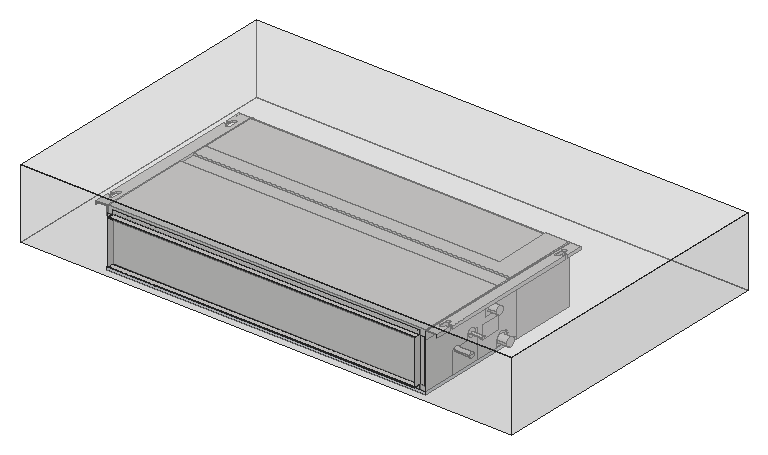
Revit family "outputfile", category 機械設備, Revit 2024
Family settings
  丸型コネクタ寸法 = 半径を使用
  パーツ タイプ = 標準
  OmniClass 番号 = 23.75.10.24.21.27.27
  OmniClass タイトル = Split System Air Conditioning Units
  作業面ベース = いいえ
  常に垂直 = はい
  ロード時にボイドで切り取り = いいえ
  注釈の向きを維持 = いいえ
  共有 = いいえ
  部屋計算ポイント = はい
Parameters (values of type "FXDQ63NDVE")
  Description = ""
  製造元 = "Daikin"
  書き出し IFC クラス(タイプ) = "IfcUnitaryEquipmentType"
  定義済み IFC タイプ(タイプ) = "AIRCONDITIONINGUNIT"
  Cost = 0
  モデル = "FXDQ63NDVE"
  Type Comments = ""
  Keynote = ""
  Type Image = (empty or 0)
  Assembly Code = ""
  w_pipe = 33.0 mm
  r_Liquid Pipe Size = Liquid Pipe Size / 2  # 4.75 mm
  r_Gas Pipe Size = Gas Pipe Size / 2  # 7.95 mm
  r_Drain Pipe Size = Drain Pipe Size / 2  # 10.0 mm
  lw_powersupply = 504.0 mm
  lw_ductflange2 = 1020.0 mm
  lw_Width = 1060.0 mm
  lh_suctionflange [instance] = if(Rear Connection_Return Air, 100.0 mm + [h***], 190.0 mm + [h***])  # 100.0 mm
  ld_suctionflange [instance] = if(Rear Connection_Return Air, 190.0 mm, 100.0 mm)  # 190.0 mm
  ld_powersupply = 60.0 mm
  angle_vertical_RA [instance] = if(Rear Connection_Return Air, 90.00°, 0.00°)  # 90.00°
  angle horizontal_RA [instance] = if(Rear Connection_Return Air, 180.00°, 270.00°)  # 180.00°
  Voltage_comment_60Hz = "220"
  Voltage_comment_50Hz = "220-240"
  Voltage_60Hz = 220 V
  Voltage_50Hz = 220 V
  URL = ""
  Supply Air Direction [instance] = yes
  Sound Power Level_H speed (dB) = 59
  Rear Connection_Return Air [instance] = not(Bottom Connection_Return Air)  # yes
  RA_length = 190.0 mm  # constant formula
  Phase_60Hz = 1
  Phase_50Hz = 1
  Minimum External Static Pressure = 15.00 Pa
  Minimum Circuit Amps_60Hz = 1.4 A
  Minimum Circuit Amps_50Hz = 1.1 A
  Maximum Fuse Amps_60Hz = 16.0 A
  Maximum Fuse Amps_50Hz = 16.0 A
  Maximum External Static Pressure = 44.00 Pa
  Material_Casing = DAIKIN_GalvanizedSteel_Casing_indoorunit
  lw_liquidpipe = 46.0 mm  # constant formula
  lw_gaspipe = 57.0 mm  # constant formula
  lw_mountinghole_pitch = 1140.0 mm
  lw_mountinghole = 20.0 mm  # constant formula
  lw_drainpipe = 33.0 mm  # constant formula
  lh_powersupply = 10.0 mm
  lh_liquidpipe = 110.0 mm
  lh_gaspipe = 87.0 mm
  lh_mountinghole = Height + [h***]  # 200.0 mm
  lh_drainpipe = 150.0 mm
  lh_antena = 1.0 mm  # constant formula
  ld_liquidpipe = 193.0 mm  # constant formula
  ld_gaspipe = 130.0 mm  # constant formula
  ld_mountinghole_pitch = 0.0 mm  # constant formula
  ld_drainpipe = 280.0 mm
  ld_controlbox = 626.0 mm  # constant formula
  h*** = 0.0 mm  # constant formula
  d_dischargeflange = 21.2 mm  # constant formula
  Width = 1100.0 mm
  Version = "ver.1.0"
  Unit Type = "Slim Duct (Standard) Type"
  Unit Mass Weight = 31.00 kg
  Unit Designation [instance] = ""
  Uniclass2015Version = "Products v1.30"
  Uniclass2015Title = "Variable refrigerant flow units"
  Uniclass2015Code = "Pr_70_65_03_94"
  Total Heating Capacity [instance] = 0.000 kW
  Total Cooling Capacity [instance] = 0.000 kW
  Sound Pressure Level_M speed (dBA) = 0
  Sound Pressure Level_L speed (dBA) = 29
  Sound Pressure Level_H speed (dBA) = 33
  Series = "VRV Fan Coil Unit"
  Sensible Cooling Capacity [instance] = 0.000 kW
  SA Duct Size Width = 1060.0 mm
  SA Duct Size Height = 153.0 mm
  Refrigerant Type = "R410A"
  RA Duct Size Width = 1000.0 mm
  RA Duct Size Height = 180.0 mm
  Power Input (Heating) = 0.168 kW
  Power Input (Cooling) = 0.181 kW
  Option Accessory 3 [instance] = ""
  Option Accessory 2 [instance] = ""
  Option Accessory 1 [instance] = ""
  Nominal Heating Capacity = 8.000 kW
  Nominal Cooling Capacity = 7.100 kW
  Minimum Airflow = 780.00 m³/h
  Median Airflow = 870.00 m³/h
  Maximum Airflow = 990.00 m³/h
  Load Classification = HVAC
  Liquid Pipe Size = 9.5 mm
  Link_Nested Family [instance] = ""
  IfcVersion = "0"
  IfcExportType = "AIRCONDITIONINGUNIT"
  IfcExportAs = "IfcUnitaryEquipmentType"
  Height = 200.0 mm
  Heating Entering Wet Bulb Temperature [instance] = 0.00 °C
  Heating Entering Dry Bulb Temperature [instance] = 0.00 °C
  Heating Ambient Wet Bulb Temperature [instance] = 0.00 °C
  Heating Ambient Dry Bulb Temperature [instance] = 0.00 °C
  Heat Exchanger Type = "Cross Fin Coil"
  Gas Pipe Size = 15.9 mm
  Frequency_60Hz = 60 Hz
  Frequency_50Hz = 50 Hz
  Fan Type = "Sirocco Fan"
  Fan Drive = "Direct Drive"
  FCU Tag No. [instance] = ""
  Drain Pipe Size = 20.0 mm
  Design Supply Airflow [instance] = 0.00 m³/h
  Design Return Airflow [instance] = 0.00 m³/h
  Design External Static Pressure [instance] = 0.00 Pa
  Depth = 620.0 mm
  既定の高さ = 0.0 mm
  Cooling Entering Wet Bulb Temperature [instance] = 0.00 °C
  Cooling Entering Dry Bulb Temperature [instance] = 0.00 °C
  Cooling Ambient Wet Bulb Temperature [instance] = 0.00 °C
  Cooling Ambient Dry Bulb Temperature [instance] = 0.00 °C
  Clearance visibility [instance] = yes
  Clearance Top = 20.0 mm
  Clearance Right = 300.0 mm
  Clearance Rear = 400.0 mm
  Clearance Left = 300.0 mm
  Clearance Front = 0.0 mm
  Clearance Bottom = 20.0 mm
  Bottom Connection_Return Air [instance] = no
Reference planes
  plane 1 "Center (Front/Back)": y = 0
  plane 2: z = 0
  plane 3 "Center (Left/Right)": x = 0
  plane 4 "Back": y = 310
  plane 5 "Front": y = -310
  plane 6 "Left": x = -550
  plane 7 "Right": x = 550
  plane 8 "Top": z = 0
  plane 9 "Bottom": z = -200
  plane 10: x = 330
  plane 11: x = -330
  plane 12: z = -190
  plane 13: z = -6
  plane 14: z = -22
  plane 15: z = -90
  plane 16: z = -113
  plane 17: x = -304
  plane 18: x = 304
  plane 19: x = -570
  plane 20: x = 570
  plane 21: y = 250
  plane 22: y = 250
  plane 23: x = -590
  plane 24: x = 390
  plane 25: x = 596
  plane 26: x = 607
  plane 27: x = 583
  plane 28: z = 0
  plane 29: z = -50
  plane 30 "Clearance Left": x = -850
  plane 31 "Clearance Right": x = 850
  plane 32 "Clearance Rear": y = 710
  plane 33 "Clearance Front": y = -310
  plane 34 "Clearance Top": z = 20
  plane 35 "Clearance Bottom": z = -220
  plane 36: z = -21
  plane 37: z = -170
  plane 38: z = -96.5
  plane 39: x = -40
  plane 40: y = -180
  plane 41: y = -117
  plane 42: y = -30
  plane 43: y = 20
  plane 44: z = -97.5
  plane 45: y = -309
  plane 46: x = -549
  plane 47: z = -100
  plane 48: z = -30
  plane 49: y = 210
  plane 50: z = -97.5
  plane 51: z = -199
  plane 52: y = 120
  plane 53: z = -101
  plane 54: x = 580
  plane 55: x = 545
  plane 56: x = 555
  plane 57: x = 551
  plane 58: x = 469
  plane 59: x = 549.004
  plane 60: x = -549
  plane 61: x = 504
  plane 62: z = -189
Forms (mm)
  Extrusion 1, solid
    sketch origin (0, 0, 0) x (1, 0, 0) y (0, 0, 1)
      loop
        line (-550, -190) -> (-550, -200) -> (550, -200) -> (550, -190) -> (-550, -190)
    from -84 to 310
  Extrusion 2, solid, material "DAIKIN_GalvanizedSteel_Casing_indoorunit" <- "Material_Casing"
    sketch origin (0, 0, 0) x (1, 0, 0) y (0, 1, 0)
      loop
        line (-550, -309) -> (550, -309) -> (550, 310) -> (-550, 310) -> (-550, -309)
    from -200 to 0
  Extrusion 3, void
    sketch origin (0, 0, 1) x (1, 0, 0) y (0, 1, 0)
      loop
        line (-550, 62.179) -> (-550, 4.179) -> (550, 4.179) -> (550, 62.179) -> (-550, 62.179)
    from -1 to -7
  Extrusion 4, void
    sketch origin (0, 0, 0) x (0, 1, 0) y (0, 0, 1)
      loop
        line (-5, -190) -> (45, -190) -> (45, -170)
        arc (45, -170) -> (20, -145) -> (-5, -170) r 25
        line (-5, -170) -> (-5, -190)
    from 550 to 545
  Revolve 5, solid, material "DAIKIN_GalvanizedSteel_Casing_indoorunit" <- "Material_Casing"
    sketch origin (0, 0, -113) x (0, -1, 0) y (1, 0, 0)
      loop
        line (172.05, 551) -> (180, 551) -> (180, 607) -> (172.05, 607) -> (172.05, 551)
      axis (180, 551) -> (180, 607)
    angle from 0 to 360
  Revolve 6, solid, material "DAIKIN_GalvanizedSteel_Casing_indoorunit" <- "Material_Casing"
    sketch origin (0, 0, -90) x (0, -1, 0) y (1, 0, 0)
      loop
        line (117, 551) -> (117, 596) -> (112.25, 596) -> (112.25, 551) -> (117, 551)
      axis (117, 596) -> (117, 551)
    angle from 0 to 360
  Extrusion 7, solid, material "DAIKIN_GalvanizedSteel_Casing_indoorunit" <- "Material_Casing"
    sketch origin (0, 0, 0) x (0, 1, 0) y (0, 0, 1)
      loop
        circle (-116, -90) r 12.7
    from 550 to 555
  Extrusion 8, solid, material "DAIKIN_GalvanizedSteel_Casing_indoorunit" <- "Material_Casing"
    sketch origin (0, 0, 0) x (0, 1, 0) y (0, 0, 1)
      loop
        circle (20, -170) r 15
    from 580 to 545
  Extrusion 9, solid, material "DAIKIN_GalvanizedSteel_Casing_indoorunit" <- "Material_Casing"
    sketch origin (0, 0, 0) x (0, 1, 0) y (0, 0, 1)
      loop
        line (-52, -30) -> (-52, -70) -> (-11, -70) -> (-11, -30) -> (-52, -30)
    from 550 to 551
  Extrusion 10, solid, material "DAIKIN_GalvanizedSteel_Casing_indoorunit" <- "Material_Casing"
    sketch origin (0, 0, 0) x (0, 1, 0) y (0, 0, 1)
      loop
        circle (-30, -50.064) r 13
    from 550 to 583
  Extrusion 11, solid, material "DAIKIN_GalvanizedSteel_Casing_indoorunit" <- "Material_Casing"
    sketch origin (0, 0, 0) x (0, 1, 0) y (0, 0, 1)
      loop
        line (-63.609, -90) -> (-63.609, -136) -> (0.391, -136) -> (0.391, -90) -> (-63.609, -90)
    from 550 to 551
  Extrusion 12, solid, material "DAIKIN_GalvanizedSteel_Casing_indoorunit" <- "Material_Casing"
    sketch origin (0, 0, 0) x (1, 0, 0) y (0, 0, 1)
      loop
        line (-550, -190) -> (-550, -200) -> (550, -200) -> (550, -190) -> (-550, -190)
    from -84 to 310
  Extrusion 13, solid, material "DAIKIN_GalvanizedSteel_Casing_indoorunit" <- "Material_Casing", visible <- "Bottom Connection_Return Air"
    sketch origin (0, 0, 0) x (1, 0, 0) y (0, 0, 1)
      loop
        line (469, -200) -> (469, -1) -> (-549, -1) -> (-549, -200) -> (469, -200)
    from -310 to -309
  Extrusion 14, void
    sketch origin (0, 0, 0) x (1, 0, 0) y (0, 0, 1)
      loop
        line (469, 0) -> (-549, 0) -> (-549, -1) -> (469, -1) -> (469, 0)
    from -310 to -111
  Extrusion 15, solid, material "DAIKIN_GalvanizedSteel_Casing_indoorunit" <- "Material_Casing", visible <- "Rear Connection_Return Air"
    sketch origin (0, 0, 0) x (1, 0, 0) y (0, 1, 0)
      loop
        line (-549, 310) -> (-549, 111) -> (469, 111) -> (469, 310) -> (-549, 310)
    from -200 to -199
  Extrusion 16, solid, material "DAIKIN_GalvanizedSteel_Casing_indoorunit" <- "Material_Casing"
    sketch origin (0, 0, 0) x (0, 1, 0) y (0, 0, 1)
      loop
        line (-194, -113) -> (-194, -190) -> (-88.3, -190) -> (-88.3, -90) -> (-103.3, -90)
        arc (-103.3, -90) -> (-116, -102.7) -> (-128.7, -90) r 12.7
        line (-128.7, -90) -> (-128.7, -113) -> (-173.65, -113)
        arc (-173.65, -113) -> (-180, -119.35) -> (-186.35, -113) r 6.35
        line (-186.35, -113) -> (-194, -113)
    from 551 to 550
  Extrusion 17, solid, material "DAIKIN_GalvanizedSteel_Casing_indoorunit" <- "Material_Casing"
    sketch origin (0, 0, 0) x (0, 1, 0) y (0, 0, 1)
      loop
        line (84, -199) -> (310, -199) -> (310, -22) -> (91, -22) -> (84, -29) -> (84, -199)
    from 551 to 550
Cuts and joins
  Extrusion 3, Extrusion 4, Extrusion 14 cuts Extrusion 2
  Extrusion 4 cuts Extrusion 1
  Extrusion 14 cuts Extrusion 12
Dimensions and locks
  "lh_powersupply": plane 12 to plane 9 "Bottom"
  locked: plane 8 "Top" to plane 13 at 6
  "Height": plane 8 "Top" to plane 9 "Bottom"
  equal spacing: plane 17, plane 3 "Center (Left/Right)", plane 18, locked at 304 each
  locked: plane 17 to plane 18 at 608
  equal spacing: plane 19, plane 3 "Center (Left/Right)", plane 20
  "lw_mountinghole_pitch": plane 19 to plane 20
  locked: plane 14 to plane 9 "Bottom" at 178
  "lw_mountinghole": plane 23 to plane 19
  "lh_liquidpipe": plane 15 to plane 9 "Bottom"
  "lh_gaspipe": plane 16 to plane 9 "Bottom"
  "lh_mountinghole": plane 28 to plane 9 "Bottom"
  "ld_mountinghole_pitch": plane 22 to plane 21
  equal spacing: plane 6 "Left", plane 3 "Center (Left/Right)", plane 7 "Right"
  "Width": plane 6 "Left" to plane 7 "Right"
  "lh_drainpipe": plane 29 to plane 9 "Bottom"
  "Clearance Right": plane 7 "Right" to plane 31 "Clearance Right"
  "Clearance Left": plane 30 "Clearance Left" to plane 6 "Left"
  "lw_gaspipe": plane 7 "Right" to plane 26
  "lw_liquidpipe": plane 7 "Right" to plane 25
  "lw_drainpipe": plane 7 "Right" to plane 27
  "Clearance Rear": plane 32 "Clearance Rear" to plane 4 "Back"
  "Clearance Front": plane 5 "Front" to plane 33 "Clearance Front"
  "Clearance Top": plane 34 "Clearance Top" to plane 8 "Top"
  "Clearance Bottom": plane 9 "Bottom" to plane 35 "Clearance Bottom"
  "ld_powersupply": plane 4 "Back" to plane 22
  locked: plane 8 "Top" to plane 36 at 21
  locked: plane 8 "Top" to plane 37 at 170
  locked: plane 40 to plane 41 at 63
  locked: plane 38 to plane 9 "Bottom" at 103.5
  locked: plane 36 to plane 44 at 76.5
  "Depth": plane 4 "Back" to plane 5 "Front"
  equal spacing: plane 4 "Back", plane 1 "Center (Front/Back)", plane 5 "Front"
  locked: plane 45 to plane 5 "Front" at 1
  locked: plane 46 to plane 6 "Left" at 1
  Extrusion 13 sketch curve to Extrusion 13 sketch curve = 199.0 mm
  nested 11 to plane 39 = 500.0 mm
  locked: plane 12 to plane 47 at 90
  plane 32 "Clearance Rear" to Extrusion 13 = 401.0 mm
  locked: plane 48 to plane 35 "Clearance Bottom" at 190
  plane 49 to nested 12 = 90.0 mm
  locked: plane 50 to plane 9 "Bottom" at 102.5
  locked: plane 51 to plane 9 "Bottom" at 1
  "ld_suctionflange": plane 4 "Back" to plane 52
  locked: plane 53 to plane 9 "Bottom" at 99
  locked: plane 7 "Right" to plane 54 at 30
  locked: plane 55 to plane 7 "Right" at 5
  locked: plane 7 "Right" to plane 56 at 5
  locked: plane 7 "Right" to plane 57 at 1
  plane 7 "Right" to plane 58 = 81.0 mm
  locked: plane 7 "Right" to plane 59 at 0.996
  locked: plane 60 to plane 6 "Left" at 1
  "lw_powersupply": plane 3 "Center (Left/Right)" to plane 61
  "r_Gas Pipe Size": nested 6 to Revolve 5 sketch curve
  "r_Liquid Pipe Size": nested 5 to Revolve 6 sketch curve
  locked: plane 62 to plane 9 "Bottom" at 11
  aligned and locked: level to plane 2
  aligned and locked: Extrusion 2 to plane 9 "Bottom"
  aligned and locked: plane 8 "Top" to Extrusion 2
  aligned and locked: Revolve 5 sketch curve to Revolve 5 sketch curve
  aligned and locked: plane 15 to Extrusion 7 sketch curve
  aligned and locked: cut or joined group of Extrusion 1, Extrusion 4 to plane 9 "Bottom"
  aligned and locked: plane 27 to Extrusion 10
  aligned and locked: plane 25 to nested 5
  aligned and locked: nested 5 to plane 15
  aligned and locked: nested 1 to plane 22
  aligned and locked: plane 20 to nested 2
  aligned and locked: plane 19 to nested 3
  aligned and locked: plane 22 to nested 4
  aligned and locked: nested 4 to plane 22
  aligned and locked: plane 19 to nested 4
  aligned and locked: plane 29 to nested 7
  aligned and locked: Extrusion 10 to nested 7
  aligned and locked: plane 27 to nested 7
  aligned and locked: nested 10 to plane 12
  aligned and locked: Extrusion 12 to plane 5 "Front"
  aligned and locked: Extrusion 12 to plane 9 "Bottom"
  aligned and locked: nested 6 to plane 16
  aligned and locked: plane 40 to nested 6
  aligned and locked: plane 41 to nested 5
  aligned and locked: plane 42 to nested 7
  aligned and locked: Extrusion 8 sketch curve to plane 43
  aligned and locked: plane 4 "Back" to Extrusion 14
  aligned and locked: Extrusion 15 to nested 12
  aligned and locked: plane 8 "Top" to Extrusion 3
  aligned and locked: Extrusion 13 to cut or joined group of Extrusion 2, Extrusion 3, Extrusion 4, Extrusion 14
  aligned and locked: plane 9 "Bottom" to Extrusion 15  (x2)
  aligned and locked: Extrusion 15 to plane 51
  aligned and locked: plane 4 "Back" to nested 11
  aligned and locked: Extrusion 14 to level
  aligned and locked: plane 32 "Clearance Rear" to nested 13
  aligned and locked: plane 31 "Clearance Right" to nested 13
  aligned and locked: plane 30 "Clearance Left" to nested 13
  aligned and locked: nested 13 to plane 33 "Clearance Front"
  aligned and locked: nested 13 to plane 34 "Clearance Top"
  aligned and locked: nested 13 to plane 35 "Clearance Bottom"
  aligned and locked: plane 7 "Right" to Extrusion 16  (x2)
  aligned and locked: plane 4 "Back" to Extrusion 17
  aligned and locked: Extrusion 17 to plane 51
  aligned and locked: plane 7 "Right" to Extrusion 17  (x2)
  aligned and locked: Extrusion 16 to Revolve 5 sketch curve
  aligned and locked: Extrusion 3 to plane 13
  aligned and locked: plane 52 to nested 14
  aligned and locked: nested 12 to Extrusion 14
  aligned and locked: Extrusion 11 to plane 7 "Right"
  aligned and locked: Extrusion 7 to plane 7 "Right"
  aligned and locked: plane 7 "Right" to cut or joined group of Extrusion 2, Extrusion 3, Extrusion 4, Extrusion 14  (x2)
  aligned and locked: cut or joined group of Extrusion 2, Extrusion 3, Extrusion 4, Extrusion 14 to plane 55
  aligned and locked: Extrusion 8 to plane 55
  aligned and locked: plane 54 to Extrusion 8
  aligned and locked: plane 56 to Extrusion 7
  aligned and locked: plane 57 to Extrusion 17
  aligned and locked: Extrusion 16 to plane 57
  aligned and locked: Extrusion 11 to plane 57
  aligned and locked: plane 26 to nested 6
  aligned and locked: Extrusion 9 to plane 57
  aligned and locked: Extrusion 9 to plane 7 "Right"
  aligned and locked: Extrusion 10 to plane 7 "Right"
  aligned and locked: plane 58 to Extrusion 14 sketch curve
  aligned and locked: Extrusion 13 sketch curve to plane 58
  aligned and locked: plane 3 "Center (Left/Right)" to nested 15
  aligned and locked: Extrusion 15 to plane 58
  aligned and locked: plane 6 "Left" to nested 11
  aligned and locked: plane 8 "Top" to nested 15
  aligned and locked: plane 4 "Back" to nested 15
  aligned and locked: cut or joined group of Extrusion 2, Extrusion 3, Extrusion 4, Extrusion 14 to plane 45
  aligned and locked: nested 10 to plane 61
  aligned and locked: plane 20 to nested 1
  aligned and locked: nested 12 to plane 58
  aligned and locked: nested 9 to plane 1 "Center (Front/Back)"
  aligned and locked: plane 3 "Center (Left/Right)" to nested 9
  aligned and locked: plane 51 to nested 12
  aligned and locked: nested 11 to plane 51
  aligned and locked: nested 16 to plane 62
  aligned and locked: plane 13 to nested 16
  aligned and locked: plane 45 to nested 16
  aligned and locked: level to plane 8 "Top"
Automatic sketch dimensions
  Extrusion 1 sketch curve to plane 6 "Left" = 0.0 mm
  Extrusion 1 sketch curve to plane 7 "Right" = 0.0 mm
  Extrusion 1 sketch curve to plane 9 "Bottom" = 0.0 mm
  Extrusion 1 sketch curve to plane 12 = 0.0 mm
  Extrusion 2 sketch curve to plane 4 "Back" = 0.0 mm
  Extrusion 2 sketch curve to plane 6 "Left" = 0.0 mm
  Extrusion 2 sketch curve to plane 7 "Right" = 0.0 mm
  Extrusion 2 sketch curve to plane 45 = 0.0 mm
  Extrusion 3 sketch curve to plane 6 "Left" = 0.0 mm
  Extrusion 3 sketch curve to plane 7 "Right" = 0.0 mm
  Extrusion 3 sketch curve to plane 1 "Center (Front/Back)" = 4.179 mm
  plane 43 to Extrusion 3 sketch curve = 42.179 mm
  Extrusion 4 sketch curve to plane 37 = 0.0 mm
  Extrusion 4 sketch curve to plane 12 = 0.0 mm
  Extrusion 4 sketch curve to plane 43 = 0.0 mm
  plane 1 "Center (Front/Back)" to Extrusion 4 sketch curve = 5.0 mm
  plane 41 to Extrusion 7 sketch curve = 1.0 mm
  Extrusion 8 sketch curve to plane 37 = 0.0 mm
  Extrusion 9 sketch curve to plane 42 = 22.0 mm
  plane 1 "Center (Front/Back)" to Extrusion 9 sketch curve = 11.0 mm
  plane 15 to Extrusion 9 sketch curve = 20.0 mm
  Extrusion 9 sketch curve to plane 14 = 8.0 mm
  Extrusion 10 sketch curve to plane 42 = 0.0 mm
  Extrusion 10 sketch curve to plane 29 = 0.064 mm
  plane 15 to Extrusion 11 sketch curve = 0.0 mm
  Extrusion 11 sketch curve to plane 42 = 33.609 mm
  Extrusion 11 sketch curve to plane 1 "Center (Front/Back)" = 0.391 mm
  Extrusion 11 sketch curve to plane 16 = 23.0 mm
  Extrusion 12 sketch curve to plane 6 "Left" = 0.0 mm
  Extrusion 12 sketch curve to plane 7 "Right" = 0.0 mm
  Extrusion 12 sketch curve to plane 9 "Bottom" = 0.0 mm
  Extrusion 12 sketch curve to plane 12 = 0.0 mm
  plane 46 to Extrusion 13 sketch curve = 0.0 mm
  plane 46 to Extrusion 14 sketch curve = 0.0 mm
  Extrusion 14 sketch curve to plane 8 "Top" = 1.0 mm
  Extrusion 15 sketch curve to plane 46 = 0.0 mm
  Extrusion 15 sketch curve to plane 4 "Back" = 0.0 mm
  plane 18 to Extrusion 15 sketch curve = 165.0 mm
  plane 43 to Extrusion 15 sketch curve = 91.0 mm
  plane 35 "Clearance Bottom" to Extrusion 14 sketch curve = 220.0 mm
  Extrusion 13 sketch curve to plane 51 = 1.0 mm
  Extrusion 16 sketch curve to plane 12 = 0.0 mm
  Extrusion 16 sketch curve to plane 16 = 0.0 mm
  Extrusion 16 sketch curve to plane 40 = 0.0 mm
  Extrusion 16 sketch curve to plane 15 = 0.0 mm
  Extrusion 16 sketch curve to Extrusion 16 sketch curve = 6.35 mm
  Extrusion 16 sketch curve to Extrusion 16 sketch curve = 7.65 mm
  Extrusion 16 sketch curve to plane 41 = 11.7 mm
  plane 41 to Extrusion 16 sketch curve = 1.0 mm
  Extrusion 16 sketch curve to Extrusion 16 sketch curve = 27.7 mm
  Extrusion 17 sketch curve to plane 51 = 0.0 mm
  Extrusion 17 sketch curve to plane 14 = 0.0 mm
  plane 48 to Extrusion 17 sketch curve = 1.0 mm
  plane 43 to Extrusion 17 sketch curve = 64.0 mm
  Extrusion 17 sketch curve to Extrusion 17 sketch curve = 7.0 mm
  Extrusion 17 sketch curve to plane 4 "Back" = 0.0 mm
  Revolve 5 sketch curve to plane 26 = 0.0 mm
  Revolve 5 sketch curve to plane 40 = 0.0 mm
  Revolve 5 sketch curve to Revolve 5 sketch curve = 1.003 mm
  plane 26 to Revolve 5 sketch curve = 1.003 mm
  Revolve 6 sketch curve to plane 41 = 0.0 mm  (x2)
  Revolve 6 sketch curve to plane 25 = 0.0 mm  (x2)
  Revolve 6 sketch curve to plane 57 = 0.0 mm  (x2)
  radius of Extrusion 7 sketch curve = 12.7 mm
  radius of Extrusion 8 sketch curve = 15.0 mm
  radius of Extrusion 10 sketch curve = 13.0 mm
Nested families
  nested 1: "daikin_mountinghole" at (570, 250, -200), l_antenna <- "lh_antena", Link_Nested Family <- "Link_Nested Family", h_mountinghole <- "lh_mountinghole", type "daikin_mountinghole"
    with show yes, l_antenna 1.0 mm, h_mountinghole 200.0 mm, Link_Nested Family ""
  nested 2: "daikin_mountinghole" at (570, -250, -200), Link_Nested Family <- "Link_Nested Family", l_antenna <- "lh_antena", h_mountinghole <- "lh_mountinghole", type "daikin_mountinghole"
    with show yes, l_antenna 1.0 mm, h_mountinghole 200.0 mm, Link_Nested Family ""
  nested 3: "daikin_mountinghole" at (-570, -250, -200), l_antenna <- "lh_antena", Link_Nested Family <- "Link_Nested Family", h_mountinghole <- "lh_mountinghole", type "daikin_mountinghole"
    with show yes, l_antenna 1.0 mm, h_mountinghole 200.0 mm, Link_Nested Family ""
  nested 4: "daikin_mountinghole" at (-570, 250, -200), l_antenna <- "lh_antena", Link_Nested Family <- "Link_Nested Family", h_mountinghole <- "lh_mountinghole", type "daikin_mountinghole"
    with show yes, l_antenna 1.0 mm, h_mountinghole 200.0 mm, Link_Nested Family ""
  nested 5: "daikin_connector_rotate2" at (550, -117, -90) x (0, 1, 0) z (0, 0, 1), length <- "lw_liquidpipe", built-in parameter 1001364 <- "lh_liquidpipe", radius <- "r_Liquid Pipe Size", type "daikin_connector_rotate2"
    with radius 4.75 mm, length 46.0 mm, angle_vertical 90.00°
  nested 6: "daikin_connector_rotate2" at (550, -180, -113) x (0, 1, 0) z (0, 0, 1), length <- "lw_gaspipe", built-in parameter 1001364 <- "lh_gaspipe", radius <- "r_Gas Pipe Size", type "daikin_connector_rotate2"
    with radius 7.95 mm, length 57.0 mm, angle_vertical 90.00°
  nested 7: "daikin_connector_rotate2" at (550, -30, -50) x (0, 1, 0) z (0, 0, 1), built-in parameter 1001364 <- "lh_drainpipe", length <- "lw_drainpipe", radius <- "r_Drain Pipe Size", type "daikin_connector_rotate2"
    with radius 10.0 mm, length 33.0 mm, angle_vertical 90.00°
  nested 8: "daikin_connector_rotate2" at (0, -309, -97.5), length <- "d_dischargeflange", type "daikin_connector_rotate2"
    with radius 10.0 mm, length 21.2 mm, angle_vertical 90.00°
  nested 9: "daikin_△_symbolicline" at (-75, -129.904, 200) x (-0.5, 0.866, 0) z (0, 0, 1), built-in parameter 1001364 <- "Height", visible <- "Supply Air Direction", type "daikin_△_symbolicline"
    with length 300.0 mm
  nested 10: "daikin_connector_rotate2" at (504, 250, -190) x (-1, 0, 0) z (0, 0, 1), built-in parameter 1001364 <- "lw_powersupply", length <- "ld_powersupply", type "daikin_connector_rotate2"
    with radius 10.0 mm, length 60.0 mm, angle_vertical 90.00°
  nested 11: "daikin_ductflange_FXDQ-NDVE2" at (-40, 310, -100), visible <- "Rear Connection_Return Air", material <- "Material_Casing", width <- "lw_ductflange2", type "daikin_ductflange_FXDQ-NDVE2"
    with width 1020.0 mm, material DAIKIN_GalvanizedSteel_Casing_indoorunit, height 180.0 mm, depth 21.2 mm
  nested 12: "daikin_ductflange_FXDQ-NDVE2" at (-40, 210, -200) x (1, 0, 0) z (0, 1, 0), visible <- "Bottom Connection_Return Air", material <- "Material_Casing", width <- "lw_ductflange2", type "daikin_ductflange_FXDQ-NDVE2"
    with width 1020.0 mm, material DAIKIN_GalvanizedSteel_Casing_indoorunit, height 180.0 mm, depth 21.2 mm
  nested 13: "daikin_clearancespace" at (0, 200, -99.881), visible <- "Clearance visibility", show <- "Clearance visibility", Link_Nested Family <- "Link_Nested Family", type "daikin_clearancespace"
    with width 1700.0 mm, show yes, height 240.0 mm, depth 1020.0 mm, Link_Nested Family ""
  nested 14: "daikin_connector_rotate3" at (-40, 120, -100), built-in parameter 1001364 <- "lh_suctionflange", angle_vertical <- "angle_vertical_RA", angle_horizontal <- "angle horizontal_RA", length <- "RA_length", type "daikin_connector_rotate3"
    with show no, radius 10.0 mm, length 190.0 mm, angle_vertical 90.00°, angle_horizontal 180.00°
  nested 15: "daikin_hangerfixture_FXDQ-NDVE" at (0, 0.5, 0), type "daikin_hangerfixture_FXDQ-NDVE"
    with width 1100.0 mm
  nested 16: "daikin_ductflange_FXDQ-NDVE" at (0, 4.5, -364.201), material <- "Material_Casing", width <- "lw_Width", type "daikin_ductflange_FXDQ-NDVE"
    with width 1060.0 mm, material DAIKIN_GalvanizedSteel_Casing_indoorunit, height 155.0 mm, depth 21.2 mm
Connectors
  piping at (607, -180, -113), diameter 15.9, driven by "r_Gas Pipe Size"
    settings: on nested 6, index 1, connector inside diameter 609.6 mm, connector length 0.0 mm, flow factor 0, pipe flow 0.00 m³/h, pressure drop 0.0 Pa, fitting loss kfactor 0, connector angle 0.00°, fixture units 0, engagement length 0.0 mm, angle of deflection 0.00°, flow configuration 1, flow direction 2, fitting loss method 0, system type 29, joint type 0, gender type 0, connector reference index -1, connector utility 0, adjustable connector no, is connector primary yes, connector description "Refrigerant Gas Piping"
  piping at (596, -117, -90), diameter 9.5, driven by "r_Liquid Pipe Size"
    settings: on nested 5, index 2, connector inside diameter 609.6 mm, connector length 0.0 mm, flow factor 0, pipe flow 0.00 m³/h, pressure drop 0.0 Pa, fitting loss kfactor 0, connector angle 0.00°, fixture units 0, engagement length 0.0 mm, angle of deflection 0.00°, flow configuration 1, flow direction 1, fitting loss method 0, system type 29, joint type 0, gender type 0, connector reference index -1, connector utility 0, adjustable connector no, is connector primary no, connector description "Refrigerant Liquid Piping"
  piping at (583, -30, -50), diameter 20, driven by "r_Drain Pipe Size"
    settings: on nested 7, index 3, connector inside diameter 609.6 mm, connector length 0.0 mm, flow factor 0, pipe flow 0.00 m³/h, pressure drop 0.0 Pa, fitting loss kfactor 0, connector angle 0.00°, fixture units 0, engagement length 0.0 mm, angle of deflection 0.00°, flow configuration 1, flow direction 2, fitting loss method 4, system type 16, joint type 0, gender type 0, connector reference index -1, connector utility 0, adjustable connector no, is connector primary no, connector description "Condensate Drain Piping"
  hvac at (0, -330.2, -97.5), driven by "SA Duct Size Height", driven by "SA Duct Size Width"
    settings: on nested 8, index 7, duct flow 0.00 m³/h, flow factor 0, pres drop 0.00 Pa, loss coef 0, conn angle 0.00°, conn width 1060.0 mm, conn height 153.0 mm, conn diameter 609.6 mm, duct sys type 1, conn prof type 1, flow config 0, flow direction 2, loss method 4, conn ref index -1, conn util no, is conn primary yes, conn desc "SA Duct"
  electrical at (504, 310, -190), driven by "Load Classification"
    settings: on nested 10, index 9, voltage 0 V, apparent load 0 VA, apparent load phase1 0 VA, apparent load phase2 0 VA, apparent load phase3 0 VA, power factor 1, load classification "HVAC", number of poles 1, system type 30, power factor state 1, is connector primary yes, connector utility no, sub classification motor no, connector description "Power Supply"
  hvac at (-40, 310, -100), driven by "RA Duct Size Height", driven by "RA Duct Size Width"
    settings: on nested 14, index 10, duct flow 0.00 m³/h, flow factor 0, pres drop 0.00 Pa, loss coef 0, conn angle 0.00°, conn width 1000.0 mm, conn height 180.0 mm, conn diameter 609.6 mm, duct sys type 2, conn prof type 1, flow config 0, flow direction 1, loss method 4, conn ref index -1, conn util no, is conn primary no, conn desc "RA Duct"
Definition of nested family "daikin_ductflange_FXDQ-NDVE2"
  Parameters (values of type "daikin_ductflange_FXDQ-PDVE2")
    width [instance] = 620.0 mm
    material [instance] = none
    height [instance] = 180.0 mm
    depth [instance] = 21.2 mm
    Default Elevation = 0.0 mm
  Reference planes
    plane 1 "Center (Front/Back)": y = 0
    plane 2: z = 0
    plane 3 "Center (Left/Right)": x = 0
    plane 4: y = -313.5
    plane 5: y = -334.7
    plane 6: x = -310
    plane 7: x = 310
    plane 8: z = 90
    plane 9: z = -90
    plane 10: z = 100
    plane 11: z = -100
    plane 12: x = -309
    plane 13: x = 309
  Forms (mm)
    Extrusion 1, solid, material <- "material"
      sketch origin (0, 0, 0) x (1, 0, 0) y (0, 0, 1)
        loop
          line (-300, 90) -> (-300, -90) -> (300, -90) -> (300, 90) -> (-300, 90)
        loop
          line (-309, -99) -> (309, -99) -> (309, 99) -> (-309, 99) -> (-309, -99)
      from 0 to 1
  Dimensions and locks
    plane 4 to plane 1 "Center (Front/Back)" = 313.5 mm
    "depth": plane 5 to plane 4
    equal spacing: plane 7, plane 3 "Center (Left/Right)", plane 6, locked at 310 each
    "width": plane 7 to plane 6
    equal spacing: plane 8, level, plane 9, locked at 90 each
    "height": plane 8 to plane 9
    equal spacing: plane 10, level, plane 11, locked at 100 each
    locked: plane 10 to plane 11 at 200
    plane 12 to plane 6 = 1.0 mm
    locked: plane 7 to plane 13 at 1
    locked: Extrusion 1 sketch curve to Extrusion 1 sketch curve at 9  (x4)
    locked: plane 10 to Extrusion 1 sketch curve at 1
    locked: Extrusion 1 sketch curve to plane 11 at 1
    aligned and locked: level to plane 2
  Automatic sketch dimensions
    plane 6 to Extrusion 1 sketch curve = 1.0 mm
    Extrusion 1 sketch curve to plane 7 = 1.0 mm
Definition of nested family "daikin_clearancespace"
  Parameters (values of type "daikin_clearancespace")
    width [instance] = 1823.963 mm
    show [instance] = yes
    material = none
    height [instance] = 1359.762 mm
    depth [instance] = 880.0 mm
    Default Elevation = 0.0 mm
    Link_Nested Family [instance] = ""
  Reference planes
    plane 1 "Center (Front/Back)": y = 0
    plane 2 "Center (Elevation)": z = -0.119
    plane 3 "Center (Left/Right)": x = 0
    plane 4: y = 440
    plane 5: y = -440
    plane 6 "Right": x = 911.982
    plane 7 "Left": x = -911.982
    plane 8 "Top": z = 679.762
    plane 9 "Bottom": z = -680
  Forms (mm)
    Extrusion 1, solid, material <- "material", visible <- "show"
      sketch origin (0, 0, 0) x (1, 0, 0) y (0, 1, 0)
        loop
          line (-911.982, 440) -> (-911.982, -440) -> (911.982, -440) -> (911.982, 440) -> (-911.982, 440)
      from -680 to 679.762
  Lines and regions (mm)
    symbolic lines, visible <- "show"
      curve 1: line (911.982, 440, 0) -> (-911.982, 440, 0)
      curve 2: line (-911.982, 440, 0) -> (-911.982, -440, 0)
      curve 3: line (-911.982, -440, 0) -> (911.982, -440, 0)
      curve 4: line (911.982, -440, 0) -> (911.982, 440, 0)
      curve 5: line (911.982, 0, 679.762) -> (-911.982, 0, 679.762)
      curve 6: line (911.982, 0, -680) -> (911.982, 0, 679.762)
      curve 7: line (-911.982, 0, -680) -> (911.982, 0, -680)
      curve 8: line (-911.982, 0, 679.762) -> (-911.982, 0, -680)
      curve 9: line (0, 440, 679.762) -> (0, -440, 679.762)
      curve 10: line (0, -440, 679.762) -> (0, -440, -680)
      curve 11: line (0, 440, -680) -> (0, 440, 679.762)
      curve 12: line (0, -440, -680) -> (0, 440, -680)
  Dimensions and locks
    "width": plane 7 "Left" to plane 6 "Right"
    "depth": plane 4 to plane 5
    "height": plane 8 "Top" to plane 9 "Bottom"
    equal spacing: plane 7 "Left", plane 3 "Center (Left/Right)", plane 6 "Right"
    equal spacing: plane 4, plane 1 "Center (Front/Back)", plane 5
    equal spacing: plane 8 "Top", plane 2 "Center (Elevation)", plane 9 "Bottom"
    aligned and locked: level to plane 2 "Center (Elevation)"
    aligned and locked: Extrusion 1 sketch curve to plane 4
    aligned and locked: plane 7 "Left" to Extrusion 1 sketch curve
    aligned and locked: Extrusion 1 sketch curve to plane 5
    aligned and locked: Extrusion 1 sketch curve to plane 6 "Right"
    aligned and locked: plane 8 "Top" to Extrusion 1
    aligned and locked: curve 1 to Extrusion 1
    aligned and locked: curve 2 to Extrusion 1
    aligned and locked: curve 3 to Extrusion 1
    aligned and locked: curve 4 to Extrusion 1
    aligned and locked: curve 5 to Extrusion 1
    aligned and locked: curve 6 to Extrusion 1
    aligned and locked: curve 7 to Extrusion 1
    aligned and locked: curve 8 to Extrusion 1
    aligned and locked: curve 9 to Extrusion 1
    aligned and locked: curve 10 to Extrusion 1
    aligned and locked: curve 11 to Extrusion 1
    aligned and locked: curve 12 to Extrusion 1
    aligned and locked: Extrusion 1 to plane 9 "Bottom"
Definition of nested family "daikin_hangerfixture_FXDQ-NDVE"
  Parameters (values of type "daikin_hangerfixture_FXDQ-PDVE")
    width = 900.0 mm
    material = none
    height = 30.0 mm
    depth = 619.0 mm
    Default Elevation = 0.0 mm
  Reference planes
    plane 1 "Center (Front/Back)": y = 0
    plane 2: z = 0
    plane 3 "Center (Left/Right)": x = 0
    plane 4: x = 450
    plane 5: y = 309.5
    plane 6: y = -309.5
    plane 7: x = -450
    plane 8: z = -30
  Forms (mm)
    Extrusion 1, solid, material <- "material"
      sketch origin (0, 0, 0) x (1, 0, 0) y (0, 0, 1)
        loop
          line (450, 0) -> (450, -30) -> (452.3, -30) -> (452.3, -2.3) -> (487.7, -2.3) -> (487.7, -10) -> (490, -10) -> (490, 0) -> (450, 0)
      from -309.5 to 309.5
    Extrusion 2, void
      sketch origin (0, 0, 0) x (0, 1, 0) y (0, 0, 1)
        loop
          line (309.5, -30) -> (309.5, -17.979) -> (87.935, -17.979) -> (75.914, -30) -> (309.5, -30)
      from 0 to 550
    Extrusion 3, void
      sketch origin (0, 0, 0) x (1, 0, 0) y (0, 1, 0)
        loop
          line (490, -244) -> (477, -244) -> (477, -237.5)
          arc (477, -237.5) -> (470, -230.5) -> (463, -237.5) r 7
          line (463, -237.5) -> (463, -263.5)
          arc (463, -263.5) -> (470, -270.5) -> (477, -263.5) r 7
          line (477, -263.5) -> (477, -257) -> (490, -257) -> (490, -244)
        loop
          line (490, 243) -> (490, 256) -> (477, 256) -> (477, 262.5)
          arc (477, 262.5) -> (470, 269.5) -> (463, 262.5) r 7
          line (463, 262.5) -> (463, 236.5)
          arc (463, 236.5) -> (470, 229.5) -> (477, 236.5) r 7
          line (477, 236.5) -> (477, 243) -> (490, 243)
      from -254.96 to 618
    Extrusion 4, solid, material <- "material"
      sketch origin (0, 0, 0) x (-1, 0, 0) y (0, 0, -1)
        loop
          line (450, 0) -> (490, 0) -> (490, 10) -> (487.7, 10) -> (487.7, 2.3) -> (452.3, 2.3) -> (452.3, 30) -> (450, 30) -> (450, 0)
      from -309.5 to 309.5
    Extrusion 5, void
      sketch origin (0, 0, 0) x (-1, 0, 0) y (0, -1, 0)
        loop
          line (490, 244) -> (490, 257) -> (477, 257) -> (477, 263.5)
          arc (477, 263.5) -> (470, 270.5) -> (463, 263.5) r 7
          line (463, 263.5) -> (463, 237.5)
          arc (463, 237.5) -> (470, 230.5) -> (477, 237.5) r 7
          line (477, 237.5) -> (477, 244) -> (490, 244)
        loop
          line (490, -243) -> (477, -243) -> (477, -236.5)
          arc (477, -236.5) -> (470, -229.5) -> (463, -236.5) r 7
          line (463, -236.5) -> (463, -262.5)
          arc (463, -262.5) -> (470, -269.5) -> (477, -262.5) r 7
          line (477, -262.5) -> (477, -256) -> (490, -256) -> (490, -243)
      from -254.96 to 618
  Cuts and joins
    Extrusion 2, Extrusion 3, Extrusion 5 cuts Extrusion 1
    Extrusion 5 cuts Extrusion 4
  Dimensions and locks
    equal spacing: plane 5, plane 1 "Center (Front/Back)", plane 6
    "depth": plane 5 to plane 6
    plane 6 to plane 1 "Center (Front/Back)" to plane 5 = 309.5 mm, 309.5 mm
    equal spacing: plane 4, plane 3 "Center (Left/Right)", plane 7
    "width": plane 4 to plane 7
    "height": level to plane 8
    locked: plane 4 to Extrusion 2 at 100
    aligned and locked: level to plane 2
    aligned and locked: plane 5 to Extrusion 1
    aligned and locked: Extrusion 1 to plane 6
    aligned and locked: Extrusion 1 to plane 4
    aligned and locked: plane 5 to cut or joined group of Extrusion 1, Extrusion 2, Extrusion 3, Extrusion 5
    aligned and locked: cut or joined group of Extrusion 1, Extrusion 2, Extrusion 3, Extrusion 5 to plane 6
    aligned and locked: level to cut or joined group of Extrusion 1, Extrusion 2, Extrusion 3, Extrusion 5
    aligned and locked: cut or joined group of Extrusion 1, Extrusion 2, Extrusion 3, Extrusion 5 to plane 8
    aligned and locked: plane 5 to cut or joined group of Extrusion 4, Extrusion 5
    aligned and locked: cut or joined group of Extrusion 4, Extrusion 5 to plane 6
  Automatic sketch dimensions
    Extrusion 1 sketch curve to plane 4 = 0.0 mm
    Extrusion 1 sketch curve to plane 8 = 0.0 mm
    Extrusion 1 sketch curve to level = 0.0 mm
    plane 4 to Extrusion 1 sketch curve = 2.3 mm
    Extrusion 1 sketch curve to level = 2.3 mm
    Extrusion 1 sketch curve to Extrusion 1 sketch curve = 35.4 mm
    Extrusion 1 sketch curve to Extrusion 1 sketch curve = 2.3 mm
    Extrusion 1 sketch curve to Extrusion 1 sketch curve = 7.7 mm
    Extrusion 2 sketch curve to plane 8 = 0.0 mm
    Extrusion 2 sketch curve to plane 5 = 0.0 mm
    plane 8 to Extrusion 2 sketch curve = 12.021 mm
    Extrusion 2 sketch curve to plane 1 "Center (Front/Back)" = 87.935 mm
    Extrusion 2 sketch curve to Extrusion 2 sketch curve = 12.021 mm
    plane 4 to Extrusion 3 sketch curve = 13.0 mm  (x2)
    Extrusion 3 sketch curve to Extrusion 3 sketch curve = 7.0 mm  (x4)
    Extrusion 3 sketch curve to Extrusion 3 sketch curve = 13.0 mm  (x4)
    plane 6 to Extrusion 3 sketch curve = 46.0 mm
    Extrusion 3 sketch curve to Extrusion 3 sketch curve = 6.5 mm  (x4)
    Extrusion 3 sketch curve to plane 5 = 73.0 mm
    Extrusion 4 sketch curve to plane 7 = 0.0 mm
    Extrusion 4 sketch curve to plane 8 = 0.0 mm
    Extrusion 4 sketch curve to level = 0.0 mm
    Extrusion 4 sketch curve to plane 7 = 2.3 mm
    Extrusion 4 sketch curve to level = 2.3 mm
    Extrusion 4 sketch curve to Extrusion 4 sketch curve = 35.4 mm
    Extrusion 4 sketch curve to Extrusion 4 sketch curve = 2.3 mm
    Extrusion 4 sketch curve to Extrusion 4 sketch curve = 7.7 mm
    Extrusion 5 sketch curve to plane 7 = 13.0 mm  (x2)
    Extrusion 5 sketch curve to Extrusion 5 sketch curve = 7.0 mm  (x4)
    Extrusion 5 sketch curve to Extrusion 5 sketch curve = 13.0 mm  (x4)
    Extrusion 5 sketch curve to plane 5 = 47.0 mm
    Extrusion 5 sketch curve to Extrusion 5 sketch curve = 6.5 mm  (x4)
    plane 6 to Extrusion 5 sketch curve = 72.0 mm
Definition of nested family "daikin_ductflange_FXDQ-NDVE"
  Parameters (values of type "daikin_ductflange_FXDQ-NDVE")
    width [instance] = 860.0 mm
    material [instance] = none
    height [instance] = 155.0 mm
    depth [instance] = 21.2 mm
    Default Elevation = 0.0 mm
  Reference planes
    plane 1 "Center (Front/Back)": y = 0
    plane 2: z = 189.201
    plane 3 "Center (Left/Right)": x = 0
    plane 4: y = -313.5
    plane 5: x = -430
    plane 6: x = 430
    plane 7: y = -334.7
    plane 8: z = 344.201
    plane 9: z = 266.701
    plane 10: z = 343.201
    plane 11: z = 190.201
  Forms (mm)
    Extrusion 1, solid, material <- "material"
      sketch origin (0, 0, 189.201) x (1, 0, 0) y (0, 1, 0)
        loop
          line (-430, -334.7) -> (-430, -313.5) -> (-448, -313.5) -> (-448, -314.5) -> (-431, -314.5) -> (-431, -334.7) -> (-430, -334.7)
        loop
          line (430, -334.7) -> (431, -334.7) -> (431, -314.5) -> (448, -314.5) -> (448, -313.5) -> (430, -313.5) -> (430, -334.7)
      from 1 to 154
    Extrusion 2, solid, material <- "material"
      sketch origin (0, 0, 0) x (0, 1, 0) y (0, 0, 1)
        loop
          line (-313.5, 343.201) -> (-313.5, 358.201) -> (-314.5, 358.201) -> (-314.5, 344.201) -> (-334.7, 344.201) -> (-334.7, 343.201) -> (-313.5, 343.201)
        loop
          line (-313.5, 190.201) -> (-334.7, 190.201) -> (-334.7, 189.201) -> (-314.5, 189.201) -> (-314.5, 175.201) -> (-313.5, 175.201) -> (-313.5, 190.201)
      from -430 to 430
  Dimensions and locks
    plane 4 to plane 1 "Center (Front/Back)" = 313.5 mm
    "depth": plane 7 to plane 4
    equal spacing: plane 8, plane 9, level
    "height": plane 8 to level
    equal spacing: plane 6, plane 3 "Center (Left/Right)", plane 5
    "width": plane 6 to plane 5
    plane 5 to plane 6 = 860.0 mm
    locked: plane 8 to plane 10 at 1
    locked: plane 11 to level at 1
    locked: Extrusion 1 to Extrusion 2 sketch curve at 1
    locked: Extrusion 2 sketch curve to Extrusion 1 at 1
    locked: Extrusion 1 sketch curve to Extrusion 1 sketch curve at 1
    locked: Extrusion 1 sketch curve to plane 5 at 18
    locked: Extrusion 1 to plane 5 at 18
    locked: plane 6 to Extrusion 1 at 18
    locked: plane 5 to Extrusion 1 at 18
    locked: Extrusion 1 to plane 6 at 18
    aligned and locked: level to plane 2
    aligned and locked: Extrusion 2 to plane 5
    aligned and locked: Extrusion 2 to plane 11
    aligned and locked: Extrusion 2 to plane 10
    aligned and locked: plane 6 to Extrusion 2
    aligned and locked: plane 5 to Extrusion 2  (x2)
    aligned and locked: plane 5 to Extrusion 1  (x2)
    aligned and locked: Extrusion 1 to plane 6
    aligned and locked: plane 6 to Extrusion 1
    aligned and locked: Extrusion 1 to plane 10
  Automatic sketch dimensions
    Extrusion 1 sketch curve to plane 4 = 0.0 mm  (x2)
    Extrusion 1 sketch curve to plane 7 = 0.0 mm  (x2)
    plane 5 to Extrusion 1 sketch curve = 0.0 mm
    Extrusion 1 sketch curve to plane 5 = 1.0 mm
    plane 6 to Extrusion 1 sketch curve = 1.0 mm
    Extrusion 2 sketch curve to plane 7 = 0.0 mm  (x2)
    Extrusion 2 sketch curve to plane 4 = 0.0 mm  (x2)
    Extrusion 2 sketch curve to plane 11 = 0.0 mm
    Extrusion 2 sketch curve to plane 10 = 0.0 mm
    Extrusion 2 sketch curve to plane 4 = 1.0 mm  (x2)
    Extrusion 2 sketch curve to level = 14.0 mm
    plane 8 to Extrusion 2 sketch curve = 14.0 mm
    Extrusion 1 sketch curve to Extrusion 1 sketch curve = 17.0 mm
    Extrusion 1 sketch curve to plane 4 = 1.0 mm
    Extrusion 1 sketch curve to plane 6 = 0.0 mm
Definition of nested family "daikin_mountinghole"
  Parameters (values of type "daikin_mountinghole")
    Default Elevation = 1219.2 mm
    Type Comments = "mountinghole"
    show [instance] = yes
    material = none
    l_centerline = 100.0 mm
    l_antenna [instance] = 100.0 mm
    h_mountinghole [instance] = 0.0 mm
    d_circle = 30.0 mm
    Link_Nested Family [instance] = ""
  Reference planes
    plane 1 "Center (Front/Back)": y = 0
    plane 2: z = 0
    plane 3 "Center (Left/Right)": x = 0
    plane 4: y = 50
    plane 5: x = -50
    plane 6: x = 50
    plane 7: y = -50
    plane 8 "h_mountinghole": z = 0
    plane 9: z = 100
  Lines and regions (mm)
    model lines, detail levels fine
      curve 1: circle (0, 0, 0) r 15 normal (0, 0, 1)
      curve 2: line (-50, 0, 0) -> (50, 0, 0)
      curve 3: line (0, 50, 0) -> (0, -50, 0)
    symbolic lines, detail levels fine
      curve 4: circle (0, 0, 0) r 15 normal (0, 0, 1)
      curve 5: line (-50, 0, 0) -> (50, 0, 0)
      curve 6: line (0, 50, 0) -> (0, -50, 0)
    model lines
      curve 7: line (0, 0, 100) -> (0, 0, 0)
  Dimensions and locks
    equal spacing: plane 4, plane 1 "Center (Front/Back)", plane 7
    "l_centerline": plane 4 to plane 7
    equal spacing: plane 5, plane 3 "Center (Left/Right)", plane 6
    "l_centerline": plane 5 to plane 6
    "l_antenna": plane 9 to plane 8 "h_mountinghole"
    "h_mountinghole": plane 8 "h_mountinghole" to plane 2
    "d_circle": diameter of curve 1
    "d_circle": diameter of curve 4
    aligned and locked: level to plane 2
    aligned and locked: plane 1 "Center (Front/Back)" to curve 1
    aligned and locked: plane 3 "Center (Left/Right)" to curve 1
    aligned and locked: plane 1 "Center (Front/Back)" to curve 2
    aligned and locked: curve 3 to plane 3 "Center (Left/Right)"
    aligned and locked: plane 6 to curve 2
    aligned and locked: plane 5 to curve 2
    aligned and locked: plane 4 to curve 3
    aligned and locked: plane 7 to curve 3
    aligned and locked: plane 1 "Center (Front/Back)" to curve 4
    aligned and locked: plane 3 "Center (Left/Right)" to curve 4
    aligned and locked: plane 6 to curve 5
    aligned and locked: plane 5 to curve 5
    aligned and locked: plane 1 "Center (Front/Back)" to curve 5
    aligned and locked: plane 4 to curve 6
    aligned and locked: plane 7 to curve 6
    aligned and locked: curve 6 to plane 3 "Center (Left/Right)"
    aligned and locked: curve 7 to plane 3 "Center (Left/Right)"
    aligned and locked: plane 9 to curve 7
    aligned and locked: plane 8 "h_mountinghole" to curve 7
Definition of nested family "daikin_connector_rotate2"
  Parameters (values of type "daikin_connector_rotate2")
    Default Elevation = 1219.2 mm
    show_face = no
    radius [instance] = 10.0 mm
    length [instance] = 600.0 mm
    d_surface = 10.0 mm
    angle_vertical [instance] = 90.00°
  Reference planes
    plane 1 "Center (Front/Back)": y = 0
    plane 2: z = 0
    plane 3 "Center (Left/Right)": x = 0
  Forms (mm)
    Extrusion 1, solid, visible <- "show_face"
      sketch origin (0, -600, 0) x (1, 0, 0) y (0, 0, 1)
        loop
          circle (0, 0) r 10
      from 0 to -10
  Lines and regions (mm)
    reference lines
      curve 1: line (0, 0, 0) -> (0, -600, 0)
    symbolic lines
      curve 2: circle (0, 0, 0) r 5 normal (0, 0, 1)
    model lines, visible <- "show_face"
      curve 3: line (0, 0, 0) -> (0, -600, 0)
  Dimensions and locks
    "length": curve 1 to curve 1
    "length": curve 3 to curve 3
    "d_surface": Extrusion 1 to Extrusion 1
    "radius": radius of Extrusion 1 sketch curve
    "angle_vertical": angle curve 1 to plane 1 "Center (Front/Back)"
    "angle_vertical": angle curve 3 to plane 1 "Center (Front/Back)"
    aligned and locked: level to plane 2
    aligned and locked: plane 1 "Center (Front/Back)" to curve 1
    aligned and locked: plane 2 to curve 1
    aligned and locked: plane 1 "Center (Front/Back)" to curve 2
    aligned and locked: plane 3 "Center (Left/Right)" to curve 2
    aligned and locked: plane 1 "Center (Front/Back)" to curve 3
    aligned and locked: plane 2 to curve 3
    aligned and locked: Extrusion 1 to Extrusion 1
  Automatic sketch dimensions
    Extrusion 1 sketch curve to level = 0.0 mm
    Extrusion 1 sketch curve to plane 3 "Center (Left/Right)" = 0.0 mm
    radius of curve 2 = 5.0 mm
Definition of nested family "daikin_△_symbolicline"
  Parameters (values of type "daikin_△_symbolicline")
    length [instance] = 500.0 mm
    Default Elevation = 0.0 mm
  Reference planes
    plane 1 "Center (Front/Back)": y = 0
    plane 2: z = 0
    plane 3 "Center (Left/Right)": x = 0
  Lines and regions (mm)
    symbolic lines
      curve 1: line (0, -433.013, 0) -> (250, 0, 0)
      curve 2: line (250, 0, 0) -> (-250, 0, 0)
      curve 3: line (-250, 0, 0) -> (0, -433.013, 0)
  Dimensions and locks
    equal spacing: curve 3, plane 3 "Center (Left/Right)", curve 2
    "length": curve 3 to curve 2
    "length": curve 3 to curve 3
    "length": curve 1 to curve 1
    aligned and locked: level to plane 2
    aligned and locked: curve 2 to plane 1 "Center (Front/Back)"
    aligned and locked: plane 3 "Center (Left/Right)" to curve 3
Definition of nested family "daikin_connector_rotate3"
  Parameters (values of type "daikin_connector_rotate3")
    Default Elevation = 1219.2 mm
    show [instance] = yes
    radius [instance] = 10.0 mm
    length [instance] = 600.0 mm
    angle_horizontal [instance] = 60.00°
    angle_vertical [instance] = 90.00°
  Reference planes
    plane 1 "Center (Front/Back)": y = 0
    plane 2: z = 0
    plane 3 "Center (Left/Right)": x = 0
  Dimensions and locks
    "angle_horizontal": angle plane 3 "Center (Left/Right)" to nested 1
    aligned and locked: level to plane 2
    aligned and locked: plane 1 "Center (Front/Back)" to nested 1  (x2)
    aligned and locked: plane 3 "Center (Left/Right)" to nested 1
  Nested families
    nested 1: "daikin_connector_rotate2" at (0, 0, 0) x (0.5, 0.866, 0) z (0, 0, 1), angle_vertical <- "angle_vertical", length <- "length", radius <- "radius", type "daikin_connector_rotate2"
      with radius 10.0 mm, length 600.0 mm, angle_vertical 90.00°
  Definition of nested family "daikin_connector_rotate2"
    Parameters (values of type "daikin_connector_rotate2")
      show_face = yes
      radius [instance] = 10.0 mm
      length [instance] = 600.0 mm
      d_surface = 10.0 mm
      angle_vertical [instance] = 90.00°
      Default Elevation = 0.0 mm
    Reference planes
      plane 1 "Center (Front/Back)": y = 0
      plane 2: z = 0
      plane 3 "Center (Left/Right)": x = 0
    Forms (mm)
      Extrusion 1, solid, visible <- "show_face"
        sketch origin (0, -600, 0) x (1, 0, 0) y (0, 0, 1)
          loop
            circle (0, 0) r 10
        from 0 to -10
    Lines and regions (mm)
      reference lines
        curve 1: line (0, 0, 0) -> (0, -600, 0)
      symbolic lines
        curve 2: circle (0, 0, 0) r 5 normal (0, 0, 1)
      model lines, visible <- "show_face"
        curve 3: line (0, 0, 0) -> (0, -600, 0)
    Dimensions and locks
      "length": curve 1 to curve 1
      "length": curve 3 to curve 3
      "d_surface": Extrusion 1 to Extrusion 1
      "radius": radius of Extrusion 1 sketch curve
      "angle_vertical": angle curve 1 to plane 1 "Center (Front/Back)"
      "angle_vertical": angle curve 3 to plane 1 "Center (Front/Back)"
      aligned and locked: level to plane 2
      aligned and locked: plane 1 "Center (Front/Back)" to curve 1
      aligned and locked: plane 2 to curve 1
      aligned and locked: plane 1 "Center (Front/Back)" to curve 2
      aligned and locked: plane 3 "Center (Left/Right)" to curve 2
      aligned and locked: plane 1 "Center (Front/Back)" to curve 3
      aligned and locked: plane 2 to curve 3
      aligned and locked: Extrusion 1 to Extrusion 1
    Automatic sketch dimensions
      Extrusion 1 sketch curve to level = 0.0 mm
      Extrusion 1 sketch curve to plane 3 "Center (Left/Right)" = 0.0 mm
      radius of curve 2 = 5.0 mm
